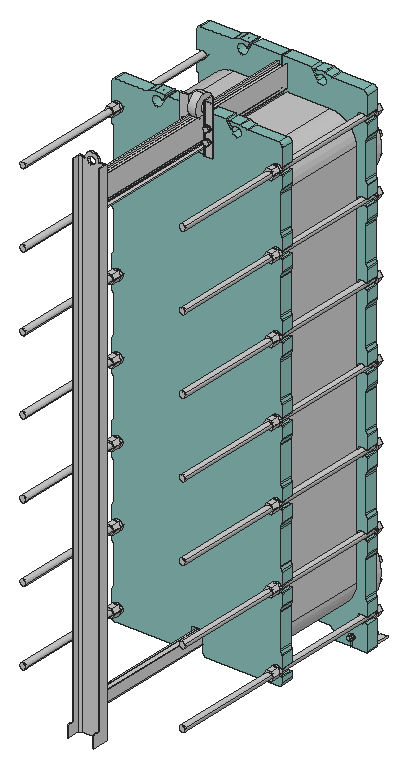
Revit family "Ekin_Endüstriyel - MIT5125", category Specialty Equipment, Revit 2022 (continued)
Forms (mm)
  Extrusion 12, solid, material "Galvanized Steel- S235JR", detail levels medium+fine
    sketch origin (0, 0, 0) x (1, 0, 0) y (0, 0, 1)
      loop
        circle (-404.5, 2426.5) r 25
      loop
        circle (-404.5, 2046.5) r 25
      loop
        circle (-404.5, 1666.5) r 25
      loop
        circle (-404.5, 1286.5) r 25
      loop
        circle (-404.5, 906.5) r 25
      loop
        circle (-404.5, 526.5) r 25
      loop
        circle (-404.5, 146.5) r 25
    from 0 to -7.5
  Extrusion 13, solid, material "Galvanized Steel- S235JR", detail levels fine
    sketch origin (4.063, -600, 0) x (1, 0, 0) y (0, 0, 1)
      loop
        line (413.716, 169.5) -> (387.158, 169.5) -> (373.879, 146.5) -> (387.158, 123.5) -> (413.716, 123.5) -> (426.995, 146.5) -> (413.716, 169.5)
      loop
        line (413.716, 549.5) -> (387.158, 549.5) -> (373.879, 526.5) -> (387.158, 503.5) -> (413.716, 503.5) -> (426.995, 526.5) -> (413.716, 549.5)
      loop
        line (413.716, 929.5) -> (387.158, 929.5) -> (373.879, 906.5) -> (387.158, 883.5) -> (413.716, 883.5) -> (426.995, 906.5) -> (413.716, 929.5)
      loop
        line (413.716, 1309.5) -> (387.158, 1309.5) -> (373.879, 1286.5) -> (387.158, 1263.5) -> (413.716, 1263.5) -> (426.995, 1286.5) -> (413.716, 1309.5)
      loop
        line (413.716, 1689.5) -> (387.158, 1689.5) -> (373.879, 1666.5) -> (387.158, 1643.5) -> (413.716, 1643.5) -> (426.995, 1666.5) -> (413.716, 1689.5)
      loop
        line (413.716, 2069.5) -> (387.158, 2069.5) -> (373.879, 2046.5) -> (387.158, 2023.5) -> (413.716, 2023.5) -> (426.995, 2046.5) -> (413.716, 2069.5)
      loop
        line (413.716, 2449.5) -> (387.158, 2449.5) -> (373.879, 2426.5) -> (387.158, 2403.5) -> (413.716, 2403.5) -> (426.995, 2426.5) -> (413.716, 2449.5)
      loop
        line (-421.842, 169.5) -> (-435.121, 146.5) -> (-421.842, 123.5) -> (-395.284, 123.5) -> (-382.005, 146.5) -> (-395.284, 169.5) -> (-421.842, 169.5)
      loop
        line (-421.842, 549.5) -> (-435.121, 526.5) -> (-421.842, 503.5) -> (-395.284, 503.5) -> (-382.005, 526.5) -> (-395.284, 549.5) -> (-421.842, 549.5)
      loop
        line (-421.842, 929.5) -> (-435.121, 906.5) -> (-421.842, 883.5) -> (-395.284, 883.5) -> (-382.005, 906.5) -> (-395.284, 929.5) -> (-421.842, 929.5)
      loop
        line (-421.842, 1309.5) -> (-435.121, 1286.5) -> (-421.842, 1263.5) -> (-395.284, 1263.5) -> (-382.005, 1286.5) -> (-395.284, 1309.5) -> (-421.842, 1309.5)
      loop
        line (-421.842, 1689.5) -> (-435.121, 1666.5) -> (-421.842, 1643.5) -> (-395.284, 1643.5) -> (-382.005, 1666.5) -> (-395.284, 1689.5) -> (-421.842, 1689.5)
      loop
        line (-421.842, 2069.5) -> (-435.121, 2046.5) -> (-421.842, 2023.5) -> (-395.284, 2023.5) -> (-382.005, 2046.5) -> (-395.284, 2069.5) -> (-421.842, 2069.5)
      loop
        line (-421.842, 2449.5) -> (-435.121, 2426.5) -> (-421.842, 2403.5) -> (-395.284, 2403.5) -> (-382.005, 2426.5) -> (-395.284, 2449.5) -> (-421.842, 2449.5)
    from 11 to 51.1
  Extrusion 14, solid, material "Galvanized Steel- S235JR", detail levels fine
    sketch origin (4.063, -600, 0) x (1, 0, 0) y (0, 0, 1)
      loop
        circle (400.437, 2426.5) r 25
      loop
        circle (400.437, 2046.5) r 25
      loop
        circle (400.437, 1666.5) r 25
      loop
        circle (400.437, 1286.5) r 25
      loop
        circle (400.437, 906.5) r 25
      loop
        circle (400.437, 526.5) r 25
      loop
        circle (400.437, 146.5) r 25
      loop
        circle (-408.563, 2426.5) r 25
      loop
        circle (-408.563, 2046.5) r 25
      loop
        circle (-408.563, 1666.5) r 25
      loop
        circle (-408.563, 1286.5) r 25
      loop
        circle (-408.563, 906.5) r 25
      loop
        circle (-408.563, 526.5) r 25
      loop
        circle (-408.563, 146.5) r 25
    from 11 to 0
  Extrusion 15, solid, material "Galvanized Steel- S235JR", detail levels medium+fine
    sketch origin (0, 0, 0) x (1, 0, 0) y (0, 0, 1)
      loop
        line (417.779, 169.5) -> (391.221, 169.5) -> (377.942, 146.5) -> (391.221, 123.5) -> (417.779, 123.5) -> (431.058, 146.5) -> (417.779, 169.5)
      loop
        line (417.779, 549.5) -> (391.221, 549.5) -> (377.942, 526.5) -> (391.221, 503.5) -> (417.779, 503.5) -> (431.058, 526.5) -> (417.779, 549.5)
      loop
        line (417.779, 929.5) -> (391.221, 929.5) -> (377.942, 906.5) -> (391.221, 883.5) -> (417.779, 883.5) -> (431.058, 906.5) -> (417.779, 929.5)
      loop
        line (417.779, 1309.5) -> (391.221, 1309.5) -> (377.942, 1286.5) -> (391.221, 1263.5) -> (417.779, 1263.5) -> (431.058, 1286.5) -> (417.779, 1309.5)
      loop
        line (417.779, 1689.5) -> (391.221, 1689.5) -> (377.942, 1666.5) -> (391.221, 1643.5) -> (417.779, 1643.5) -> (431.058, 1666.5) -> (417.779, 1689.5)
      loop
        line (417.779, 2069.5) -> (391.221, 2069.5) -> (377.942, 2046.5) -> (391.221, 2023.5) -> (417.779, 2023.5) -> (431.058, 2046.5) -> (417.779, 2069.5)
      loop
        line (417.779, 2449.5) -> (391.221, 2449.5) -> (377.942, 2426.5) -> (391.221, 2403.5) -> (417.779, 2403.5) -> (431.058, 2426.5) -> (417.779, 2449.5)
      loop
        line (-417.779, 169.5) -> (-431.058, 146.5) -> (-417.779, 123.5) -> (-391.221, 123.5) -> (-377.942, 146.5) -> (-391.221, 169.5) -> (-417.779, 169.5)
      loop
        line (-417.779, 549.5) -> (-431.058, 526.5) -> (-417.779, 503.5) -> (-391.221, 503.5) -> (-377.942, 526.5) -> (-391.221, 549.5) -> (-417.779, 549.5)
      loop
        line (-417.779, 929.5) -> (-431.058, 906.5) -> (-417.779, 883.5) -> (-391.221, 883.5) -> (-377.942, 906.5) -> (-391.221, 929.5) -> (-417.779, 929.5)
      loop
        line (-417.779, 1309.5) -> (-431.058, 1286.5) -> (-417.779, 1263.5) -> (-391.221, 1263.5) -> (-377.942, 1286.5) -> (-391.221, 1309.5) -> (-417.779, 1309.5)
      loop
        line (-417.779, 1689.5) -> (-431.058, 1666.5) -> (-417.779, 1643.5) -> (-391.221, 1643.5) -> (-377.942, 1666.5) -> (-391.221, 1689.5) -> (-417.779, 1689.5)
      loop
        line (-417.779, 2069.5) -> (-431.058, 2046.5) -> (-417.779, 2023.5) -> (-391.221, 2023.5) -> (-377.942, 2046.5) -> (-391.221, 2069.5) -> (-417.779, 2069.5)
      loop
        line (-417.779, 2449.5) -> (-431.058, 2426.5) -> (-417.779, 2403.5) -> (-391.221, 2403.5) -> (-377.942, 2426.5) -> (-391.221, 2449.5) -> (-417.779, 2449.5)
    from -7.5 to -38.2
  Extrusion 16, solid, material "Galvanized Steel- S235JR", detail levels medium+fine
    sketch origin (0, 0, 0) x (1, 0, 0) y (0, 0, 1)
      loop
        circle (219.5, 2256) r 202.5
      loop
        circle (219.5, 2256) r 138.25
      loop
        circle (-219.5, 2256) r 138.25
      loop
        circle (-219.5, 2256) r 202.5
      loop
        circle (-219.5, 317) r 202.5
      loop
        circle (219.5, 317) r 202.5
      loop
        circle (219.5, 317) r 138.25
      loop
        circle (-219.5, 317) r 138.25
    from -37 to 0
  Extrusion 17, void
    sketch origin (202.5, -37.5, 7.5) x (0, 1, 0) y (-1, 0, 0)
      loop
        line (122.5, -85.625) -> (122.5, 490.625) -> (37.5, 490.625) -> (37.5, -85.625) -> (122.5, -85.625)
      loop
        line (88.664, -133.5) -> (122.5, -133.5) -> (122.5, -116.5) -> (88.664, -116.5)
        arc (88.664, -116.5) -> (72, -125) -> (88.664, -133.5) r 10.5
      loop
        line (88.664, -183.5) -> (122.5, -183.5) -> (122.5, -166.5) -> (88.664, -166.5)
        arc (88.664, -166.5) -> (72, -175) -> (88.664, -183.5) r 10.5
      loop
        line (88.664, 521.5) -> (122.5, 521.5) -> (122.5, 538.5) -> (88.664, 538.5)
        arc (88.664, 538.5) -> (72, 530) -> (88.664, 521.5) r 10.5
      loop
        line (88.664, 571.5) -> (122.5, 571.5) -> (122.5, 588.5) -> (88.664, 588.5)
        arc (88.664, 588.5) -> (72, 580) -> (88.664, 571.5) r 10.5
    from -7.5 to 77.5
  Extrusion 18, solid, material "Galvanized Steel- S235JR"
    sketch origin (0, 0, 0) x (0, 1, 0) y (0, 0, 1)
      loop
        line (8, 11) -> (8, 85) -> (0, 85) -> (0, 3)
        arc (0, 3) -> (0.879, 0.879) -> (3, 0) r 3
        line (3, 0) -> (85, 0) -> (85, 8) -> (11, 8)
        arc (11, 8) -> (8.879, 8.879) -> (8, 11) r 3
    from -417.5 to 417.5
  Extrusion 19, solid, material "Galvanized Steel- S235JR"
    sketch origin (4.063, -600, 712.4) x (1, 0, 0) y (0, 0, 1)
      loop
        line (77.937, 1650.6) -> (77.937, 1900.6) -> (32.937, 1900.6) -> (32.937, 1650.6) -> (77.937, 1650.6)
      loop
        line (-86.063, 1650.6) -> (-41.063, 1650.6) -> (-41.063, 1900.6) -> (-86.063, 1900.6) -> (-86.063, 1650.6)
      loop
        circle (-61.775, 1778.105) r 8
      loop
        circle (-61.775, 1728.105) r 8
      loop
        circle (53.645, 1778.105) r 8
      loop
        circle (53.645, 1728.105) r 8
    from 6 to 2
  Extrusion 20, solid, material "Galvanized Steel- S235JR"
    sketch origin (4.063, -602, 712.4) x (-1, 0, 0) y (0, 0, 1)
      loop
        line (-32.937, 1650.6) -> (-32.937, 1900.6) -> (-36.937, 1900.6) -> (-36.937, 1650.6) -> (-32.937, 1650.6)
      loop
        line (41.063, 1650.6) -> (45.063, 1650.6) -> (45.063, 1900.6) -> (41.063, 1900.6) -> (41.063, 1650.6)
    from 0 to 42
  Extrusion 21, solid, material "Galvanized Steel- S235JR"
    sketch origin (-37, -598.562, 2380.492) x (0, 0, 1) y (0, -1, 0)
      loop
        circle (190, -19) r 55
      loop
        circle (190, -19) r 25
    from 17 to 57
  Extrusion 22, solid, material "Galvanized Steel- S235JR"
    sketch origin (-37, -598.563, 2380.501) x (0, 0, 1) y (0, -1, 0)
      loop
        circle (190, -19) r 24.5
    from 0 to 74
  Extrusion 23, solid, material "Galvanized Steel- S235JR"
    sketch origin (-37, -598.562, 2380.492) x (0, 0, 1) y (0, -1, 0)
      loop
        circle (190, -19) r 8
    from -24.052 to 98.5
  Extrusion 24, solid, material "Galvanized Steel- S235JR", detail levels fine
    sketch origin (-37, -598.562, 2380.492) x (0, 0, 1) y (0, -1, 0)
      loop
        line (202.813, -23.837) -> (199.73, -9.822) -> (186.917, -5.985) -> (177.187, -15.163) -> (180.27, -29.178) -> (193.083, -33.015) -> (202.813, -23.837)
    from -15 to 89
  Extrusion 25, solid, material "Galvanized Steel- S235JR", detail levels fine
    sketch origin (-37, -598.562, 2380.492) x (0, 0, 1) y (0, -1, 0)
      loop
        circle (190, -19) r 15
    from -7 to 81
  Extrusion 26, solid, material "Galvanized Steel- S235JR", detail levels medium+fine
    sketch origin (6.091, -600, 1109.777) x (1, 0, 0) y (0, 0, 1)
      loop
        circle (51.659, 1382.723) r 15
      loop
        circle (51.659, 1322.723) r 15
      loop
        circle (-63.841, 1382.723) r 15
      loop
        circle (-63.841, 1322.723) r 15
    from 7.3 to 6
  Extrusion 27, solid, material "Galvanized Steel- S235JR", detail levels medium+fine
    sketch origin (6.091, -600, 1109.777) x (1, 0, 0) y (0, 0, 1)
      loop
        line (60.441, 1334.178) -> (46.13, 1336.056) -> (37.348, 1324.602) -> (42.876, 1311.269) -> (57.188, 1309.391) -> (65.97, 1320.845) -> (60.441, 1334.178)
      loop
        line (60.441, 1394.178) -> (46.13, 1396.056) -> (37.348, 1384.602) -> (42.876, 1371.269) -> (57.188, 1369.391) -> (65.97, 1380.845) -> (60.441, 1394.178)
      loop
        line (-72.624, 1334.178) -> (-78.152, 1320.845) -> (-69.37, 1309.391) -> (-55.059, 1311.269) -> (-49.53, 1324.602) -> (-58.312, 1336.056) -> (-72.624, 1334.178)
      loop
        line (-72.624, 1394.178) -> (-78.152, 1380.845) -> (-69.37, 1369.391) -> (-55.059, 1371.269) -> (-49.53, 1384.602) -> (-58.312, 1396.056) -> (-72.624, 1394.178)
    from 17.3 to 7.3
  Extrusion 28, solid, material "AISI 316L/Titanium/Hastelloy", detail levels fine
    sketch origin (6.091, -540, 768.238) x (-1, 0, 0) y (0, 0, 1)
      loop
        circle (-51.659, 1724.262) r 15
      loop
        circle (-51.659, 1664.262) r 15
      loop
        circle (63.841, 1664.262) r 15
      loop
        circle (63.841, 1724.262) r 15
    from 0 to 2.7
  Extrusion 29, solid, material "AISI 316L/Titanium/Hastelloy", detail levels fine
    sketch origin (6.091, -540, 1109.777) x (-1, 0, 0) y (0, 0, 1)
      loop
        line (-57.212, 1394.891) -> (-64.973, 1383.998) -> (-59.419, 1371.83) -> (-46.105, 1370.556) -> (-38.345, 1381.449) -> (-43.898, 1393.617) -> (-57.212, 1394.891)
      loop
        line (-43.898, 1333.617) -> (-57.212, 1334.891) -> (-64.973, 1323.998) -> (-59.419, 1311.83) -> (-46.105, 1310.556) -> (-38.345, 1321.449) -> (-43.898, 1333.617)
      loop
        line (69.395, 1394.891) -> (56.081, 1393.617) -> (50.527, 1381.449) -> (58.288, 1370.556) -> (71.602, 1371.83) -> (77.155, 1383.998) -> (69.395, 1394.891)
      loop
        line (56.081, 1333.617) -> (50.527, 1321.449) -> (58.288, 1310.556) -> (71.602, 1311.83) -> (77.155, 1323.998) -> (69.395, 1334.891) -> (56.081, 1333.617)
    from 3 to 10.7
  Extrusion 30, solid, material "AISI 316L/Titanium/Hastelloy"
    sketch origin (6.091, -540, 1109.777) x (-1, 0, 0) y (0, 0, 1)
      loop
        circle (63.841, 1382.723) r 8
      loop
        circle (63.841, 1322.723) r 8
      loop
        circle (-51.659, 1322.723) r 8
      loop
        circle (-51.659, 1382.723) r 8
    from -66 to 24.122
  Extrusion 31, solid, material "AISI 316L/Titanium/Hastelloy", detail levels fine
    sketch origin (0, -60, 0) x (-1, 0, 0) y (0, 0, 1)
      loop
        circle (-219.5, 2256) r 115
      loop
        circle (219.5, 2256) r 115
      loop
        circle (219.5, 317) r 115
      loop
        circle (-219.5, 317) r 115
      loop
        line (-373, 2280) -> (-373, 293)
        arc (-373, 293) -> (-334.924, 201.076) -> (-243, 163) r 130
        line (-243, 163) -> (-27.5, 163) -> (-20.25, 168) -> (-20.25, 176) -> (-31.702, 186.764)
        arc (-31.702, 186.764) -> (-32.557, 195.253) -> (-24.268, 197.275) r 6.5
        line (-24.268, 197.275) -> (-6.424, 188.061)
        arc (-6.424, 188.061) -> (0, 186.5) -> (6.424, 188.061) r 14
        line (6.424, 188.061) -> (24.268, 197.275)
        arc (24.268, 197.275) -> (32.557, 195.253) -> (31.702, 186.764) r 6.5
        line (31.702, 186.764) -> (20.25, 176) -> (20.25, 168) -> (27.5, 163) -> (243, 163)
        arc (243, 163) -> (334.924, 201.076) -> (373, 293) r 130
        line (373, 293) -> (373, 2280)
        arc (373, 2280) -> (334.924, 2371.924) -> (243, 2410) r 130
        line (243, 2410) -> (27.5, 2410) -> (20.25, 2405) -> (20.25, 2397) -> (31.702, 2386.236)
        arc (31.702, 2386.236) -> (32.557, 2377.747) -> (24.268, 2375.725) r 6.5
        line (24.268, 2375.725) -> (6.424, 2384.939)
        arc (6.424, 2384.939) -> (0, 2386.5) -> (-6.424, 2384.939) r 14
        line (-6.424, 2384.939) -> (-24.268, 2375.725)
        arc (-24.268, 2375.725) -> (-32.557, 2377.747) -> (-31.702, 2386.236) r 6.5
        line (-31.702, 2386.236) -> (-20.25, 2397) -> (-20.25, 2405) -> (-27.5, 2410) -> (-243, 2410)
        arc (-243, 2410) -> (-334.924, 2371.924) -> (-373, 2280) r 130
    from 0 to -480
  Extrusion 32, void
    sketch origin (-52.5, -1268, 0) x (1, 0, 0) y (0, 0, 1)
      loop
        arc (17, 2620) -> (52.5, 2655.5) -> (88, 2620) r 35.5
        line (88, 2620) -> (120, 2620) -> (120, 2685) -> (-15, 2685) -> (-15, 2620) -> (17, 2620)
      loop
        circle (52.5, 2618.5) r 20
    from -8 to 72
  Extrusion 33, void
    sketch origin (-67.5, -1340, 0) x (0, 1, 0) y (0, 0, -1)
      loop
        arc (15, -60) -> (4.393, -55.607) -> (0, -45) r 15
        line (0, -45) -> (0, -2655.2) -> (35, -2655.2) -> (35, -60) -> (15, -60)
    from -143.878 to 16.14
  Extrusion 34, solid, material "Galvanized Steel- S235JR", detail levels fine
    sketch origin (0, 0, 0) x (1, 0, 0) y (0, 0, 1)
      loop
        circle (352.5, 45) r 15
      loop
        circle (-352.5, 45) r 15
    from -11 to -8
  Extrusion 35, solid, material "Galvanized Steel- S235JR", detail levels coarse
    sketch origin (0, 0, 0) x (0, 1, 0) y (1, 0, 0)
      loop
        line (-1340, -67.5) -> (-1260, -67.5) -> (-1260, 67.5) -> (-1340, 67.5) -> (-1340, -67.5)
    from 0 to -2655.2
  Extrusion 36, solid, material "Galvanized Steel", detail levels medium
    sketch origin (4.063, 0, 0) x (1, 0, 0) y (0, 0, 1)
      loop
        line (209.41, 2565) -> (-217.536, 2565)
        arc (-217.536, 2565) -> (-221.009, 2564.696) -> (-224.377, 2563.794) r 20
        line (-224.377, 2563.794) -> (-250.719, 2554.206)
        arc (-250.719, 2554.206) -> (-254.086, 2553.304) -> (-257.559, 2553) r 20
        line (-257.559, 2553) -> (-436.563, 2553) -> (-436.563, 5)
        arc (-436.563, 5) -> (-435.099, 1.464) -> (-431.563, 0) r 5
        line (-431.563, 0) -> (-281.563, 0)
        arc (-281.563, 0) -> (-278.027, 1.464) -> (-276.563, 5) r 5
        line (-276.563, 5) -> (-276.563, 25.858)
        arc (-276.563, 25.858) -> (-275.802, 29.685) -> (-273.634, 32.929) r 10
        line (-273.634, 32.929) -> (-249.492, 57.071)
        arc (-249.492, 57.071) -> (-246.248, 59.239) -> (-242.421, 60) r 10
        line (-242.421, 60) -> (234.295, 60)
        arc (234.295, 60) -> (238.122, 59.239) -> (241.366, 57.071) r 10
        line (241.366, 57.071) -> (265.508, 32.929)
        arc (265.508, 32.929) -> (267.676, 29.685) -> (268.437, 25.858) r 10
        line (268.437, 25.858) -> (268.437, 5)
        arc (268.437, 5) -> (269.901, 1.464) -> (273.437, 0) r 5
        line (273.437, 0) -> (423.437, 0)
        arc (423.437, 0) -> (426.973, 1.464) -> (428.437, 5) r 5
        line (428.437, 5) -> (428.437, 2553) -> (249.433, 2553)
        arc (249.433, 2553) -> (245.96, 2553.304) -> (242.593, 2554.206) r 20
        line (242.593, 2554.206) -> (216.251, 2563.794)
        arc (216.251, 2563.794) -> (212.883, 2564.696) -> (209.41, 2565) r 20
      loop
        circle (215.437, 2256) r 109
      loop
        circle (215.437, 317) r 109
      loop
        circle (-4.063, 104.5) r 10.5
      loop
        circle (-4.063, 164.5) r 10.5
      loop
        circle (-4.063, 2503.5) r 10.5
      loop
        circle (-4.063, 2443.5) r 10.5
      loop
        circle (195.937, 2525) r 25
      loop
        circle (400.437, 2426.5) r 21
      loop
        circle (400.437, 2046.5) r 21
      loop
        circle (400.437, 1666.5) r 21
      loop
        circle (400.437, 1286.5) r 21
      loop
        circle (400.437, 906.5) r 21
      loop
        circle (400.437, 526.5) r 21
      loop
        circle (400.437, 146.5) r 21
      loop
        circle (348.437, 45) r 10.5
      loop
        circle (-223.563, 2256) r 109
      loop
        circle (-223.563, 317) r 109
      loop
        circle (-204.063, 2525) r 25
      loop
        circle (-408.563, 2426.5) r 21
      loop
        circle (-408.563, 2046.5) r 21
      loop
        circle (-408.563, 1666.5) r 21
      loop
        circle (-408.563, 1286.5) r 21
      loop
        circle (-408.563, 906.5) r 21
      loop
        circle (-408.563, 526.5) r 21
      loop
        circle (-408.563, 146.5) r 21
      loop
        circle (-356.563, 45) r 10.5
    from 0 to 60
  Extrusion 37, solid, material "Galvanized Steel", detail levels medium
    sketch origin (4.063, -540, 0) x (-1, 0, 0) y (0, 0, 1)
      loop
        line (-54.187, 2513) -> (-54.187, 2562)
        arc (-54.187, 2562) -> (-55.066, 2564.121) -> (-57.187, 2565) r 3
        line (-57.187, 2565) -> (-212.41, 2565)
        arc (-212.41, 2565) -> (-215.883, 2564.696) -> (-219.251, 2563.794) r 20
        line (-219.251, 2563.794) -> (-245.593, 2554.206)
        arc (-245.593, 2554.206) -> (-248.96, 2553.304) -> (-252.433, 2553) r 20
        line (-252.433, 2553) -> (-428.437, 2553) -> (-428.437, 100)
        arc (-428.437, 100) -> (-422.579, 85.858) -> (-408.437, 80) r 20
        line (-408.437, 80) -> (-45.937, 80)
        arc (-45.937, 80) -> (-31.795, 85.858) -> (-25.937, 100) r 20
        line (-25.937, 100) -> (-25.937, 195)
        arc (-25.937, 195) -> (-25.058, 197.121) -> (-22.937, 198) r 3
        line (-22.937, 198) -> (31.063, 198)
        arc (31.063, 198) -> (33.184, 197.121) -> (34.063, 195) r 3
        line (34.063, 195) -> (34.063, 100)
        arc (34.063, 100) -> (39.921, 85.858) -> (54.063, 80) r 20
        line (54.063, 80) -> (416.563, 80)
        arc (416.563, 80) -> (430.705, 85.858) -> (436.563, 100) r 20
        line (436.563, 100) -> (436.563, 2553) -> (260.559, 2553)
        arc (260.559, 2553) -> (257.086, 2553.304) -> (253.719, 2554.206) r 20
        line (253.719, 2554.206) -> (227.377, 2563.794)
        arc (227.377, 2563.794) -> (224.009, 2564.696) -> (220.536, 2565) r 20
        line (220.536, 2565) -> (65.313, 2565)
        arc (65.313, 2565) -> (63.192, 2564.121) -> (62.313, 2562) r 3
        line (62.313, 2562) -> (62.313, 2513)
        arc (62.313, 2513) -> (61.434, 2510.879) -> (59.313, 2510) r 3
        line (59.313, 2510) -> (45.063, 2510) -> (45.063, 2365) -> (-36.937, 2365) -> (-36.937, 2510) -> (-51.187, 2510)
        arc (-51.187, 2510) -> (-53.308, 2510.879) -> (-54.187, 2513) r 3
      loop
        circle (-53.687, 2492.5) r 10.5
      loop
        circle (-53.687, 2432.5) r 10.5
      loop
        circle (-195.937, 2525) r 25
      loop
        circle (-400.437, 146.5) r 21
      loop
        circle (-400.437, 526.5) r 21
      loop
        circle (-400.437, 906.5) r 21
      loop
        circle (-400.437, 1286.5) r 21
      loop
        circle (-400.437, 1666.5) r 21
      loop
        circle (-400.437, 2046.5) r 21
      loop
        circle (-400.437, 2426.5) r 21
      loop
        circle (61.813, 2492.5) r 10.5
      loop
        circle (61.813, 2432.5) r 10.5
      loop
        circle (204.063, 2525) r 25
      loop
        circle (408.563, 146.5) r 21
      loop
        circle (408.563, 526.5) r 21
      loop
        circle (408.563, 906.5) r 21
      loop
        circle (408.563, 1286.5) r 21
      loop
        circle (408.563, 1666.5) r 21
      loop
        circle (408.563, 2046.5) r 21
      loop
        circle (408.563, 2426.5) r 21
    from 0 to -60 <- "Follower Plate"
  Extrusion 38, solid, material "AISI 316L/Titanium/Hastelloy", detail levels medium
    sketch origin (0, -60, 0) x (-1, 0, 0) y (0, 0, 1)
      loop
        circle (-219.5, 2256) r 115
      loop
        circle (219.5, 2256) r 115
      loop
        circle (219.5, 317) r 115
      loop
        circle (-219.5, 317) r 115
      loop
        line (-373, 2280) -> (-373, 293) -> (-243, 163) -> (-20.25, 163) -> (-20.25, 176) -> (-33.75, 188.689) -> (-33.75, 198) -> (33.75, 198) -> (33.75, 188.689) -> (20.25, 176) -> (20.25, 163) -> (243, 163) -> (373, 293) -> (373, 2280) -> (243, 2410) -> (20.25, 2410) -> (20.25, 2397) -> (33.75, 2384.311) -> (33.75, 2375) -> (-33.75, 2375) -> (-33.75, 2384.311) -> (-20.25, 2397) -> (-20.25, 2410) -> (-243, 2410) -> (-373, 2280)
    from 0 to -480
  Extrusion 39, solid, material "Galvanized Steel", detail levels coarse
    sketch origin (4.063, 0, 0) x (1, 0, 0) y (0, 0, 1)
      loop
        line (428.437, 2565) -> (-436.563, 2565) -> (-436.563, 0) -> (428.437, 0) -> (428.437, 2565)
      loop
        circle (-4.063, 104.5) r 10.5
      loop
        circle (-4.063, 164.5) r 10.5
      loop
        circle (-4.063, 2503.5) r 10.5
      loop
        circle (-4.063, 2443.5) r 10.5
      loop
        circle (195.937, 2525) r 25
      loop
        circle (400.437, 2426.5) r 21
      loop
        circle (400.437, 2046.5) r 21
      loop
        circle (400.437, 1666.5) r 21
      loop
        circle (400.437, 1286.5) r 21
      loop
        circle (400.437, 906.5) r 21
      loop
        circle (400.437, 526.5) r 21
      loop
        circle (400.437, 146.5) r 21
      loop
        circle (348.437, 45) r 10.5
      loop
        circle (-204.063, 2525) r 25
      loop
        circle (-408.563, 2426.5) r 21
      loop
        circle (-408.563, 2046.5) r 21
      loop
        circle (-408.563, 1666.5) r 21
      loop
        circle (-408.563, 1286.5) r 21
      loop
        circle (-408.563, 906.5) r 21
      loop
        circle (-408.563, 526.5) r 21
      loop
        circle (-408.563, 146.5) r 21
      loop
        circle (-356.563, 45) r 10.5
    from 0 to 60
  Extrusion 40, solid, material "Galvanized Steel", detail levels coarse
    sketch origin (4.063, -540, 0) x (-1, 0, 0) y (0, 0, 1)
      loop
        line (-54.187, 2510) -> (-54.187, 2565) -> (-428.437, 2565) -> (-428.437, 80) -> (-25.937, 80) -> (-25.937, 198) -> (34.063, 198) -> (34.063, 80) -> (436.563, 80) -> (436.563, 2565) -> (62.313, 2565) -> (62.313, 2510) -> (45.063, 2510) -> (45.063, 2365) -> (-36.937, 2365) -> (-36.937, 2510) -> (-54.187, 2510)
      loop
        circle (-53.687, 2492.5) r 10.5
      loop
        circle (-53.687, 2432.5) r 10.5
      loop
        circle (-195.937, 2525) r 25
      loop
        circle (-400.437, 146.5) r 21
      loop
        circle (-400.437, 526.5) r 21
      loop
        circle (-400.437, 906.5) r 21
      loop
        circle (-400.437, 1286.5) r 21
      loop
        circle (-400.437, 1666.5) r 21
      loop
        circle (-400.437, 2046.5) r 21
      loop
        circle (-400.437, 2426.5) r 21
      loop
        circle (61.813, 2492.5) r 10.5
      loop
        circle (61.813, 2432.5) r 10.5
      loop
        circle (204.063, 2525) r 25
      loop
        circle (408.563, 146.5) r 21
      loop
        circle (408.563, 526.5) r 21
      loop
        circle (408.563, 906.5) r 21
      loop
        circle (408.563, 1286.5) r 21
      loop
        circle (408.563, 1666.5) r 21
      loop
        circle (408.563, 2046.5) r 21
      loop
        circle (408.563, 2426.5) r 21
    from 0 to -60 <- "Follower Plate"
  Extrusion 41, solid, material "AISI 316L/Titanium/Hastelloy", detail levels coarse
    sketch origin (0, -60, 0) x (-1, 0, 0) y (0, 0, 1)
      loop
        line (-373, 2410) -> (-373, 163) -> (-33.75, 163) -> (-33.75, 198) -> (33.75, 198) -> (33.75, 163) -> (373, 163) -> (373, 2410) -> (33.75, 2410) -> (33.75, 2375) -> (-33.75, 2375) -> (-33.75, 2410) -> (-373, 2410)
    from 0 to -480
  Extrusion 42, solid, material "Galvanized Steel- S235JR", detail levels coarse
    sketch origin (0, 0, 0) x (1, 0, 0) y (0, 0, 1)
      loop
        circle (219.5, 2256) r 202.5
      loop
        circle (-219.5, 2256) r 202.5
      loop
        circle (-219.5, 317) r 202.5
      loop
        circle (219.5, 317) r 202.5
    from -37 to 0
Cuts and joins
  Extrusion 17 cuts Extrusion 18
  joined: Extrusion 19, Extrusion 20
  joined: Extrusion 21, Extrusion 22
  Extrusion 32, Extrusion 33 cuts Extrusion 11
Dimensions and locks
  "Lk": plane 7 "1" to plane 6 "2"
  "Head & Follower Plate": plane 1 "Center (Front/Back)" to plane 7 "1"
  "Lc": plane 7 "1" to plane 8 "3"
  "Lc": plane 10 to plane 1 "Center (Front/Back)"
  locked: Extrusion 11 sketch curve to Extrusion 11 sketch curve at 80
  locked: Extrusion 30 to plane 6 "2" at 24.122
  "Tightening Bolt": diameter of Extrusion 4 sketch curve  (x14)
  aligned and locked: level to plane 2
  aligned and locked: Extrusion 1 to plane 7 "1"
  aligned and locked: Extrusion 1 to plane 1 "Center (Front/Back)"
  aligned and locked: Extrusion 4 to plane 10
  aligned and locked: Extrusion 4 to plane 1 "Center (Front/Back)"
  aligned and locked: Extrusion 3 to plane 8 "3"
  aligned and locked: Extrusion 3 to Extrusion 1
  aligned and locked: Extrusion 11 sketch curve to Extrusion 11 sketch curve
  aligned and locked: Extrusion 30 to Extrusion 26
  aligned and locked: Extrusion 31 to Extrusion 2
  aligned and locked: Extrusion 35 sketch curve to cut or joined group of Extrusion 11, Extrusion 32, Extrusion 33  (x4)
  aligned and locked: Extrusion 38 to Extrusion 37
  aligned and locked: Extrusion 38 to Extrusion 2
  aligned and locked: Extrusion 41 to Extrusion 40
  aligned and locked: Extrusion 41 to Extrusion 2
Automatic sketch dimensions
  Extrusion 1 sketch curve to Extrusion 1 sketch curve = 0.00 mm  (x50)
  Extrusion 1 sketch curve to level = 0.00 mm  (x4)
  Extrusion 1 sketch curve to plane 3 "Center (Left/Right)" = 0.00 mm  (x4)
  Extrusion 1 sketch curve to plane 3 "Center (Left/Right)" = 3.00 mm  (x4)
  Extrusion 1 sketch curve to Extrusion 1 sketch curve = 3.00 mm  (x63)
  Extrusion 1 sketch curve to Extrusion 1 sketch curve = 142.038 mm  (x2)
  Extrusion 1 sketch curve to Extrusion 1 sketch curve = 16.454 mm  (x2)
  Extrusion 1 sketch curve to Extrusion 1 sketch curve = 2.598 mm  (x4)
  Extrusion 1 sketch curve to Extrusion 1 sketch curve = 11.172 mm  (x2)
  Extrusion 1 sketch curve to Extrusion 1 sketch curve = 2.684 mm  (x2)
  Extrusion 1 sketch curve to Extrusion 1 sketch curve = 21.651 mm  (x2)
  Extrusion 1 sketch curve to Extrusion 1 sketch curve = 35.21 mm  (x2)
  Extrusion 1 sketch curve to plane 3 "Center (Left/Right)" = 219.50 mm  (x2)
  Extrusion 1 sketch curve to Extrusion 1 sketch curve = 6.84 mm  (x4)
  level to Extrusion 1 sketch curve = 50.00 mm  (x2)
  Extrusion 1 sketch curve to Extrusion 1 sketch curve = 232.358 mm  (x2)
  level to Extrusion 1 sketch curve = 57.071 mm  (x2)
  Extrusion 1 sketch curve to Extrusion 1 sketch curve = 7.071 mm  (x4)
  Extrusion 1 sketch curve to Extrusion 1 sketch curve = 26.342 mm  (x2)
  Extrusion 1 sketch curve to Extrusion 1 sketch curve = 24.142 mm  (x2)
  level to Extrusion 1 sketch curve = 32.929 mm  (x2)
  level to Extrusion 1 sketch curve = 5.00 mm  (x2)
  Extrusion 1 sketch curve to Extrusion 1 sketch curve = 10.00 mm
  level to Extrusion 1 sketch curve = 3.00 mm  (x3)
  Extrusion 1 sketch curve to Extrusion 1 sketch curve = 69.00 mm  (x3)
  Extrusion 1 sketch curve to Extrusion 1 sketch curve = 6.00 mm  (x2)
  Extrusion 1 sketch curve to Extrusion 1 sketch curve = 185.00 mm  (x4)
  Extrusion 1 sketch curve to Extrusion 1 sketch curve = 52.00 mm  (x2)
  Extrusion 1 sketch curve to Extrusion 1 sketch curve = 151.004 mm  (x2)
  Extrusion 1 sketch curve to Extrusion 1 sketch curve = 8.00 mm  (x26)
  Extrusion 1 sketch curve to Extrusion 1 sketch curve = 13.991 mm  (x28)
  Extrusion 1 sketch curve to Extrusion 1 sketch curve = 12.00 mm  (x12)
  Extrusion 1 sketch curve to Extrusion 1 sketch curve = 1.206 mm  (x38)
  level to Extrusion 1 sketch curve = 245.686 mm  (x2)
  Extrusion 1 sketch curve to Extrusion 1 sketch curve = 11.009 mm  (x26)
  Extrusion 1 sketch curve to Extrusion 1 sketch curve = 5.588 mm  (x24)
  level to Extrusion 1 sketch curve = 230.334 mm  (x2)
  Extrusion 1 sketch curve to Extrusion 1 sketch curve = 14.009 mm  (x2)
  Extrusion 1 sketch curve to Extrusion 1 sketch curve = 18.794 mm  (x14)
  Extrusion 1 sketch curve to Extrusion 1 sketch curve = 20.00 mm  (x13)
  plane 3 "Center (Left/Right)" to Extrusion 1 sketch curve = 3.00 mm  (x4)
  plane 3 "Center (Left/Right)" to Extrusion 1 sketch curve = 219.50 mm  (x2)
  Extrusion 1 sketch curve to Extrusion 1 sketch curve = 2.929 mm
  Extrusion 1 sketch curve to Extrusion 1 sketch curve = 74.00 mm
  Extrusion 1 sketch curve to Extrusion 1 sketch curve = 29.907 mm  (x2)
  Extrusion 1 sketch curve to Extrusion 1 sketch curve = 12.093 mm  (x8)
  Extrusion 1 sketch curve to Extrusion 1 sketch curve = 29.407 mm
  Extrusion 1 sketch curve to Extrusion 1 sketch curve = 96.494 mm  (x2)
  Extrusion 1 sketch curve to Extrusion 1 sketch curve = 16.50 mm  (x28)
  Extrusion 1 sketch curve to Extrusion 1 sketch curve = 35.813 mm  (x2)
  Extrusion 1 sketch curve to Extrusion 1 sketch curve = 93.506 mm  (x2)
  Extrusion 1 sketch curve to Extrusion 1 sketch curve = 103.473 mm  (x4)
  Extrusion 1 sketch curve to Extrusion 1 sketch curve = 15.352 mm  (x22)
  Extrusion 1 sketch curve to Extrusion 1 sketch curve = 57.494 mm  (x22)
  Extrusion 1 sketch curve to Extrusion 1 sketch curve = 167.947 mm  (x8)
  Extrusion 1 sketch curve to Extrusion 1 sketch curve = 64.473 mm  (x2)
  Extrusion 1 sketch curve to Extrusion 1 sketch curve = 187.50 mm
  Extrusion 1 sketch curve to Extrusion 1 sketch curve = 21.093 mm  (x2)
  Extrusion 1 sketch curve to Extrusion 1 sketch curve = 12.50 mm  (x2)
  Extrusion 1 sketch curve to Extrusion 1 sketch curve = 87.00 mm  (x2)
  Extrusion 1 sketch curve to Extrusion 1 sketch curve = 28.65 mm  (x2)
  Extrusion 1 sketch curve to Extrusion 1 sketch curve = 1.50 mm  (x4)
  Extrusion 1 sketch curve to Extrusion 1 sketch curve = 19.35 mm  (x2)
  Extrusion 1 sketch curve to Extrusion 1 sketch curve = 46.407 mm
  Extrusion 1 sketch curve to Extrusion 1 sketch curve = 109.00 mm  (x4)
  plane 3 "Center (Left/Right)" to Extrusion 2 sketch curve = 444.50 mm  (x2)
  Extrusion 2 sketch curve to Extrusion 2 sketch curve = 0.00 mm  (x46)
  Extrusion 2 sketch curve to Extrusion 2 sketch curve = 12.00 mm  (x18)
  Extrusion 2 sketch curve to Extrusion 2 sketch curve = 1.206 mm  (x36)
  level to Extrusion 2 sketch curve = 230.334 mm
  Extrusion 2 sketch curve to Extrusion 2 sketch curve = 3.00 mm  (x70)
  Extrusion 2 sketch curve to Extrusion 2 sketch curve = 5.588 mm  (x24)
  level to Extrusion 2 sketch curve = 245.686 mm  (x2)
  Extrusion 2 sketch curve to Extrusion 2 sketch curve = 11.009 mm  (x28)
  Extrusion 2 sketch curve to Extrusion 2 sketch curve = 18.794 mm  (x10)
  Extrusion 2 sketch curve to Extrusion 2 sketch curve = 20.00 mm  (x21)
  Extrusion 2 sketch curve to Extrusion 2 sketch curve = 13.991 mm  (x21)
  Extrusion 2 sketch curve to Extrusion 2 sketch curve = 156.004 mm
  Extrusion 2 sketch curve to Extrusion 2 sketch curve = 6.84 mm  (x4)
  Extrusion 2 sketch curve to Extrusion 2 sketch curve = 26.342 mm  (x2)
  Extrusion 2 sketch curve to Extrusion 2 sketch curve = 16.473 mm  (x2)
  Extrusion 2 sketch curve to Extrusion 2 sketch curve = 21.651 mm  (x2)
  Extrusion 2 sketch curve to Extrusion 2 sketch curve = 23.041 mm
  Extrusion 2 sketch curve to Extrusion 2 sketch curve = 2.598 mm  (x6)
  Extrusion 2 sketch curve to Extrusion 2 sketch curve = 12.177 mm  (x2)
  Extrusion 2 sketch curve to Extrusion 2 sketch curve = 13.279 mm  (x2)
  plane 3 "Center (Left/Right)" to Extrusion 2 sketch curve = 61.25 mm
  Extrusion 2 sketch curve to Extrusion 2 sketch curve = 0.50 mm  (x3)
  plane 3 "Center (Left/Right)" to Extrusion 2 sketch curve = 57.75 mm
  plane 3 "Center (Left/Right)" to Extrusion 2 sketch curve = 50.00 mm
  Extrusion 2 sketch curve to Extrusion 2 sketch curve = 12.093 mm  (x4)
  Extrusion 2 sketch curve to Extrusion 2 sketch curve = 1.657 mm  (x8)
  Extrusion 2 sketch curve to Extrusion 2 sketch curve = 11.25 mm  (x2)
  plane 3 "Center (Left/Right)" to Extrusion 2 sketch curve = 30.00 mm
  Extrusion 2 sketch curve to plane 3 "Center (Left/Right)" = 27.00 mm
  Extrusion 2 sketch curve to plane 3 "Center (Left/Right)" = 38.00 mm
  Extrusion 2 sketch curve to plane 3 "Center (Left/Right)" = 41.00 mm  (x2)
  Extrusion 2 sketch curve to Extrusion 2 sketch curve = 85.056 mm
  Extrusion 2 sketch curve to Extrusion 2 sketch curve = 3.989 mm
  level to Extrusion 2 sketch curve = 146.50 mm
  Extrusion 2 sketch curve to Extrusion 2 sketch curve = 354.50 mm
  Extrusion 2 sketch curve to plane 3 "Center (Left/Right)" = 404.50 mm
  Extrusion 2 sketch curve to Extrusion 2 sketch curve = 148.004 mm
  Extrusion 2 sketch curve to Extrusion 2 sketch curve = 8.00 mm  (x14)
  Extrusion 2 sketch curve to Extrusion 2 sketch curve = 16.50 mm  (x28)
  Extrusion 2 sketch curve to Extrusion 2 sketch curve = 93.494 mm
  Extrusion 2 sketch curve to Extrusion 2 sketch curve = 27.00 mm  (x2)
  Extrusion 2 sketch curve to Extrusion 2 sketch curve = 95.00 mm
  Extrusion 2 sketch curve to Extrusion 2 sketch curve = 22.192 mm
  Extrusion 2 sketch curve to Extrusion 2 sketch curve = 167.947 mm  (x12)
  Extrusion 2 sketch curve to Extrusion 2 sketch curve = 15.352 mm  (x22)
  Extrusion 2 sketch curve to Extrusion 2 sketch curve = 57.494 mm  (x22)
  Extrusion 2 sketch curve to Extrusion 2 sketch curve = 15.494 mm
  Extrusion 2 sketch curve to Extrusion 2 sketch curve = 58.50 mm  (x2)
  Extrusion 2 sketch curve to Extrusion 2 sketch curve = 6.00 mm  (x4)
  Extrusion 2 sketch curve to Extrusion 2 sketch curve = 48.00 mm  (x2)
  Extrusion 2 sketch curve to Extrusion 2 sketch curve = 8.50 mm  (x2)
  Extrusion 2 sketch curve to Extrusion 2 sketch curve = 12.50 mm  (x2)
  Extrusion 2 sketch curve to Extrusion 2 sketch curve = 87.00 mm  (x2)
  Extrusion 2 sketch curve to Extrusion 2 sketch curve = 26.909 mm  (x2)
  Extrusion 2 sketch curve to Extrusion 2 sketch curve = 1.50 mm  (x4)
  Extrusion 2 sketch curve to Extrusion 2 sketch curve = 21.091 mm  (x2)
  Extrusion 2 sketch curve to Extrusion 2 sketch curve = 49.00 mm  (x2)
  Extrusion 3 sketch curve to plane 3 "Center (Left/Right)" = 26.125 mm
  Extrusion 3 sketch curve to plane 3 "Center (Left/Right)" = 23.125 mm
  Extrusion 3 sketch curve to Extrusion 3 sketch curve = 2.00 mm  (x11)
  Extrusion 3 sketch curve to Extrusion 3 sketch curve = 3.00 mm  (x9)
  Extrusion 3 sketch curve to plane 3 "Center (Left/Right)" = 20.00 mm
  Extrusion 3 sketch curve to Extrusion 3 sketch curve = 6.00 mm  (x2)
  Extrusion 3 sketch curve to plane 3 "Center (Left/Right)" = 6.125 mm  (x2)
  Extrusion 3 sketch curve to plane 3 "Center (Left/Right)" = 3.125 mm
  plane 3 "Center (Left/Right)" to Extrusion 3 sketch curve = 2.875 mm  (x2)
  plane 3 "Center (Left/Right)" to Extrusion 3 sketch curve = 12.875 mm
  Extrusion 3 sketch curve to Extrusion 3 sketch curve = 7.00 mm  (x2)
  plane 3 "Center (Left/Right)" to Extrusion 3 sketch curve = 13.00 mm  (x2)
  Extrusion 3 sketch curve to Extrusion 3 sketch curve = 5.00 mm  (x4)
  Extrusion 3 sketch curve to Extrusion 3 sketch curve = 8.00 mm
  Extrusion 3 sketch curve to Extrusion 3 sketch curve = 20.00 mm
  level to Extrusion 3 sketch curve = 124.50 mm
  Extrusion 3 sketch curve to Extrusion 3 sketch curve = 46.00 mm
  Extrusion 3 sketch curve to Extrusion 3 sketch curve = 2203.00 mm
  Extrusion 3 sketch curve to Extrusion 3 sketch curve = 0.00 mm  (x3)
  Extrusion 3 sketch curve to Extrusion 3 sketch curve = 24.00 mm
  Extrusion 3 sketch curve to Extrusion 3 sketch curve = 86.00 mm
  Extrusion 3 sketch curve to Extrusion 3 sketch curve = 12.00 mm  (x2)
  Extrusion 4 sketch curve to Extrusion 4 sketch curve = 0.00 mm  (x38)
  Extrusion 4 sketch curve to plane 3 "Center (Left/Right)" = 404.50 mm
  level to Extrusion 4 sketch curve = 146.50 mm  (x2)
  plane 3 "Center (Left/Right)" to Extrusion 4 sketch curve = 404.50 mm  (x3)
  Extrusion 4 sketch curve to Extrusion 4 sketch curve = 380.00 mm  (x12)
  Extrusion 4 sketch curve to Extrusion 4 sketch curve = 13.795 mm  (x28)
  level to Extrusion 5 sketch curve = 46.878 mm  (x2)
  Extrusion 5 sketch curve to plane 3 "Center (Left/Right)" = 366.811 mm
  level to Extrusion 5 sketch curve = 33.545 mm  (x2)
  Extrusion 5 sketch curve to Extrusion 5 sketch curve = 5.529 mm  (x2)
  level to Extrusion 5 sketch curve = 58.333 mm  (x2)
  Extrusion 5 sketch curve to Extrusion 5 sketch curve = 8.782 mm  (x4)
  level to Extrusion 5 sketch curve = 31.667 mm  (x2)
  Extrusion 5 sketch curve to Extrusion 5 sketch curve = 14.311 mm  (x4)
  level to Extrusion 5 sketch curve = 56.455 mm  (x2)
  level to Extrusion 5 sketch curve = 43.122 mm  (x2)
  plane 3 "Center (Left/Right)" to Extrusion 5 sketch curve = 338.189 mm
  Extrusion 6 sketch curve to Extrusion 6 sketch curve = 0.00 mm  (x2)
  Extrusion 1 to Extrusion 6 sketch curve = 1.144 mm  (x2)
  Extrusion 6 sketch curve to Extrusion 1 = 2.746 mm  (x2)
  Extrusion 7 sketch curve to Extrusion 7 sketch curve = 0.00 mm  (x4)
  level to Extrusion 7 sketch curve = 45.00 mm  (x2)
  Extrusion 7 sketch curve to plane 3 "Center (Left/Right)" = 352.50 mm
  plane 3 "Center (Left/Right)" to Extrusion 7 sketch curve = 352.50 mm
  Extrusion 7 sketch curve to Extrusion 7 sketch curve = 3.064 mm  (x4)
  Extrusion 7 sketch curve to Extrusion 7 sketch curve = 7.39 mm  (x2)
  Extrusion 8 sketch curve to Extrusion 1 = 11.311 mm  (x4)
  Extrusion 8 sketch curve to Extrusion 1 = 5.782 mm  (x4)
  Extrusion 8 sketch curve to Extrusion 1 = 2.529 mm  (x4)
  Extrusion 1 to Extrusion 8 sketch curve = 28.333 mm  (x2)
  Extrusion 8 sketch curve to Extrusion 8 sketch curve = 1.878 mm  (x2)
  Extrusion 8 sketch curve to Extrusion 8 sketch curve = 11.455 mm  (x2)
  Extrusion 1 to Extrusion 8 sketch curve = 13.122 mm  (x2)
  Extrusion 1 to Extrusion 8 sketch curve = 3.545 mm  (x2)
  Extrusion 1 to Extrusion 8 sketch curve = 1.667 mm  (x2)
  Extrusion 9 sketch curve to plane 3 "Center (Left/Right)" = 410.722 mm  (x2)
  Extrusion 9 sketch curve to Extrusion 9 sketch curve = 1.169 mm  (x2)
  Extrusion 9 sketch curve to Extrusion 9 sketch curve = 2.959 mm  (x71)
  Extrusion 9 sketch curve to Extrusion 9 sketch curve = 7.323 mm  (x69)
  Extrusion 9 sketch curve to Extrusion 9 sketch curve = 12.447 mm  (x75)
  Extrusion 9 sketch curve to Extrusion 9 sketch curve = 15.642 mm  (x71)
  Extrusion 9 sketch curve to Extrusion 9 sketch curve = 18.601 mm  (x96)
  Extrusion 9 sketch curve to Extrusion 9 sketch curve = 19.77 mm  (x96)
  Extrusion 9 sketch curve to Extrusion 9 sketch curve = 23.212 mm  (x10)
  Extrusion 9 sketch curve to Extrusion 9 sketch curve = 20.017 mm  (x4)
  level to Extrusion 9 sketch curve = 171.719 mm  (x2)
  Extrusion 9 sketch curve to Extrusion 9 sketch curve = 44.159 mm  (x4)
  Extrusion 9 sketch curve to Extrusion 9 sketch curve = 48.523 mm  (x12)
  level to Extrusion 9 sketch curve = 129.906 mm  (x2)
  level to Extrusion 9 sketch curve = 126.948 mm  (x2)
  Extrusion 9 sketch curve to Extrusion 9 sketch curve = 52.341 mm  (x4)
  Extrusion 9 sketch curve to Extrusion 9 sketch curve = 54.68 mm  (x4)
  Extrusion 9 sketch curve to Extrusion 9 sketch curve = 41.201 mm  (x4)
  Extrusion 9 sketch curve to Extrusion 9 sketch curve = 53.648 mm  (x12)
  Extrusion 9 sketch curve to Extrusion 9 sketch curve = 29.129 mm  (x12)
  Extrusion 9 sketch curve to Extrusion 9 sketch curve = 14.893 mm  (x4)
  plane 3 "Center (Left/Right)" to Extrusion 9 sketch curve = 28.278 mm  (x2)
  plane 3 "Center (Left/Right)" to Extrusion 9 sketch curve = 29.448 mm  (x2)
  Extrusion 9 sketch curve to Extrusion 9 sketch curve = 0.00 mm  (x5)
  Extrusion 9 sketch curve to Extrusion 9 sketch curve = 53.51 mm  (x8)
  Extrusion 9 sketch curve to Extrusion 9 sketch curve = 1557.726 mm
  Extrusion 10 sketch curve to plane 3 "Center (Left/Right)" = 12.65 mm  (x4)
  Extrusion 10 sketch curve to plane 3 "Center (Left/Right)" = 12.013 mm  (x4)
  Extrusion 10 sketch curve to plane 3 "Center (Left/Right)" = 0.481 mm  (x4)
  plane 3 "Center (Left/Right)" to Extrusion 10 sketch curve = 0.793 mm  (x4)
  plane 3 "Center (Left/Right)" to Extrusion 10 sketch curve = 12.326 mm  (x4)
  plane 3 "Center (Left/Right)" to Extrusion 10 sketch curve = 12.963 mm  (x4)
  level to Extrusion 10 sketch curve = 90.081 mm
  Extrusion 10 sketch curve to Extrusion 10 sketch curve = 6.658 mm  (x5)
  Extrusion 10 sketch curve to Extrusion 10 sketch curve = 7.762 mm  (x7)
  Extrusion 10 sketch curve to Extrusion 10 sketch curve = 14.42 mm  (x8)
  Extrusion 10 sketch curve to Extrusion 10 sketch curve = 31.161 mm  (x2)
  Extrusion 10 sketch curve to Extrusion 10 sketch curve = 2250.161 mm
  Extrusion 11 sketch curve to plane 8 "3" = 0.00 mm
  Extrusion 11 sketch curve to plane 3 "Center (Left/Right)" = 67.50 mm
  Extrusion 11 sketch curve to Extrusion 11 sketch curve = 5.00 mm
  Extrusion 11 sketch curve to plane 8 "3" = 8.00 mm
  Extrusion 11 sketch curve to Extrusion 11 sketch curve = 10.00 mm
  plane 3 "Center (Left/Right)" to Extrusion 11 sketch curve = 52.50 mm
  plane 3 "Center (Left/Right)" to Extrusion 11 sketch curve = 62.50 mm
  Extrusion 11 sketch curve to Extrusion 11 sketch curve = 15.00 mm
  Extrusion 12 sketch curve to Extrusion 12 sketch curve = 0.00 mm  (x38)
  Extrusion 12 sketch curve to plane 3 "Center (Left/Right)" = 404.50 mm
  level to Extrusion 12 sketch curve = 146.50 mm  (x2)
  plane 3 "Center (Left/Right)" to Extrusion 12 sketch curve = 404.50 mm  (x3)
  Extrusion 12 sketch curve to Extrusion 12 sketch curve = 380.00 mm  (x12)
  Extrusion 12 sketch curve to Extrusion 12 sketch curve = 4.04 mm  (x28)
  Extrusion 12 sketch curve to Extrusion 12 sketch curve = 24.671 mm  (x14)
  Extrusion 13 sketch curve to Extrusion 2 = 1.442 mm  (x14)
  Extrusion 13 sketch curve to Extrusion 2 = 6.721 mm  (x28)
  Extrusion 13 sketch curve to Extrusion 2 = 6.50 mm  (x28)
  Extrusion 13 sketch curve to Extrusion 13 sketch curve = 26.558 mm  (x14)
  Extrusion 2 to Extrusion 13 sketch curve = 16.50 mm  (x24)
  Extrusion 13 sketch curve to Extrusion 13 sketch curve = 13.279 mm  (x21)
  Extrusion 13 sketch curve to Extrusion 2 = 3.00 mm  (x4)
  Extrusion 13 sketch curve to Extrusion 2 = 46.558 mm  (x7)
  Extrusion 14 sketch curve to Extrusion 14 sketch curve = 0.00 mm  (x14)
  Extrusion 14 sketch curve to Extrusion 2 = 8.171 mm  (x28)
  Extrusion 15 sketch curve to plane 3 "Center (Left/Right)" = 431.058 mm  (x3)
  level to Extrusion 15 sketch curve = 146.50 mm  (x4)
  Extrusion 15 sketch curve to Extrusion 15 sketch curve = 0.00 mm  (x4)
  Extrusion 15 sketch curve to Extrusion 15 sketch curve = 13.279 mm  (x42)
  level to Extrusion 15 sketch curve = 123.50 mm
  level to Extrusion 15 sketch curve = 169.50 mm  (x2)
  Extrusion 15 sketch curve to Extrusion 15 sketch curve = 26.558 mm  (x28)
  plane 3 "Center (Left/Right)" to Extrusion 15 sketch curve = 377.942 mm  (x7)
  Extrusion 15 sketch curve to Extrusion 15 sketch curve = 23.00 mm  (x37)
  Extrusion 15 sketch curve to Extrusion 15 sketch curve = 334.00 mm  (x12)
  Extrusion 16 sketch curve to Extrusion 16 sketch curve = 0.00 mm  (x49)
  Extrusion 16 sketch curve to plane 3 "Center (Left/Right)" = 219.50 mm  (x2)
  plane 3 "Center (Left/Right)" to Extrusion 16 sketch curve = 219.50 mm  (x2)
  level to Extrusion 16 sketch curve = 317.00 mm  (x2)
  Extrusion 16 sketch curve to Extrusion 16 sketch curve = 1939.00 mm
  Extrusion 16 sketch curve to Extrusion 16 sketch curve = 69.125 mm  (x6)
  Extrusion 16 sketch curve to Extrusion 16 sketch curve = 32.125 mm  (x8)
  plane 3 "Center (Left/Right)" to Extrusion 16 sketch curve = 118.25 mm  (x2)
  Extrusion 16 sketch curve to Extrusion 16 sketch curve = 119.728 mm  (x2)
  Extrusion 16 sketch curve to Extrusion 16 sketch curve = 55.642 mm  (x4)
  Extrusion 16 sketch curve to Extrusion 16 sketch curve = 175.37 mm  (x2)
  plane 1 "Center (Front/Back)" to Extrusion 17 sketch curve = 0.00 mm
  plane 9 "Bolt End" to Extrusion 17 sketch curve = 26.30 mm  (x4)
  Extrusion 17 sketch curve to Extrusion 17 sketch curve = 6.164 mm  (x8)
  Extrusion 17 sketch curve to Extrusion 17 sketch curve = 33.836 mm
  Extrusion 17 sketch curve to Extrusion 17 sketch curve = 0.00 mm  (x4)
  plane 3 "Center (Left/Right)" to Extrusion 17 sketch curve = 386.00 mm
  Extrusion 17 sketch curve to Extrusion 17 sketch curve = 8.50 mm  (x4)
  Extrusion 17 sketch curve to Extrusion 17 sketch curve = 33.00 mm  (x2)
  Extrusion 17 sketch curve to Extrusion 17 sketch curve = 30.875 mm  (x2)
  Extrusion 17 sketch curve to plane 3 "Center (Left/Right)" = 288.125 mm
  Extrusion 18 sketch curve to plane 1 "Center (Front/Back)" = 0.00 mm
  Extrusion 18 sketch curve to level = 0.00 mm
  level to Extrusion 18 sketch curve = 3.00 mm
  Extrusion 18 sketch curve to plane 1 "Center (Front/Back)" = 8.00 mm
  Extrusion 18 sketch curve to Extrusion 18 sketch curve = 3.00 mm
  plane 9 "Bolt End" to Extrusion 18 sketch curve = 66.30 mm
  Extrusion 18 sketch curve to Extrusion 18 sketch curve = 8.00 mm
  Extrusion 18 sketch curve to Extrusion 18 sketch curve = 74.00 mm
  Extrusion 19 sketch curve to Extrusion 19 sketch curve = 0.00 mm  (x8)
  Extrusion 19 sketch curve to Extrusion 2 = 2.00 mm  (x2)
  Extrusion 19 sketch curve to Extrusion 2 = 23.75 mm  (x2)
  Extrusion 2 to Extrusion 19 sketch curve = 0.538 mm  (x2)
  Extrusion 2 to Extrusion 19 sketch curve = 4.00 mm  (x2)
  Extrusion 2 to Extrusion 19 sketch curve = 0.542 mm  (x2)
  Extrusion 2 to Extrusion 19 sketch curve = 2.495 mm  (x2)
  Extrusion 2 to Extrusion 19 sketch curve = 1.005 mm  (x2)
  Extrusion 2 to Extrusion 19 sketch curve = 48.00 mm  (x2)
  Extrusion 2 to Extrusion 19 sketch curve = 1.396 mm  (x2)
  Extrusion 19 sketch curve to Extrusion 2 = 7.386 mm  (x2)
  Extrusion 2 to Extrusion 19 sketch curve = 2.104 mm  (x2)
  Extrusion 2 to Extrusion 19 sketch curve = 3.594 mm  (x2)
  Extrusion 19 sketch curve to Extrusion 2 = 0.094 mm  (x2)
  Extrusion 19 sketch curve to Extrusion 19 sketch curve = 7.924 mm  (x2)
  Extrusion 20 sketch curve to Extrusion 19 = 0.00 mm  (x5)
  Extrusion 19 to Extrusion 20 sketch curve = 0.00 mm
  Extrusion 20 sketch curve to Extrusion 19 = 4.00 mm
  Extrusion 20 sketch curve to Extrusion 20 sketch curve = 4.00 mm
  Extrusion 21 sketch curve to Extrusion 21 sketch curve = 0.00 mm  (x2)
  Extrusion 20 to Extrusion 21 sketch curve = 19.562 mm
  Extrusion 21 sketch curve to Extrusion 20 = 42.507 mm
  Extrusion 20 to Extrusion 22 sketch curve = 19.563 mm
  Extrusion 22 sketch curve to Extrusion 20 = 42.499 mm
  Extrusion 23 sketch curve to Extrusion 23 sketch curve = 0.00 mm  (x2)
  Extrusion 20 to Extrusion 23 sketch curve = 19.562 mm
  Extrusion 23 sketch curve to Extrusion 20 = 42.507 mm
  Extrusion 23 sketch curve to Extrusion 23 sketch curve = 2.062 mm  (x2)
  Extrusion 23 sketch curve to Extrusion 23 sketch curve = 7.73 mm
  Extrusion 20 to Extrusion 24 sketch curve = 18.60 mm
  Extrusion 24 sketch curve to Extrusion 20 = 55.32 mm
  Extrusion 20 to Extrusion 24 sketch curve = 9.385 mm
  Extrusion 24 sketch curve to Extrusion 24 sketch curve = 3.083 mm
  Extrusion 20 to Extrusion 24 sketch curve = 9.423 mm
  Extrusion 24 sketch curve to Extrusion 24 sketch curve = 9.73 mm  (x2)
  Extrusion 20 to Extrusion 24 sketch curve = 5.548 mm
  Extrusion 24 sketch curve to Extrusion 24 sketch curve = 12.813 mm  (x2)
  Extrusion 20 to Extrusion 24 sketch curve = 13.26 mm
  Extrusion 20 to Extrusion 24 sketch curve = 14.725 mm
  Extrusion 25 sketch curve to Extrusion 25 sketch curve = 0.00 mm  (x2)
  Extrusion 20 to Extrusion 25 sketch curve = 19.562 mm
  Extrusion 25 sketch curve to Extrusion 20 = 42.507 mm
  Extrusion 25 sketch curve to Extrusion 25 sketch curve = 14.098 mm  (x2)
  Extrusion 20 to Extrusion 25 sketch curve = 14.44 mm
  Extrusion 26 sketch curve to Extrusion 26 sketch curve = 0.00 mm  (x4)
  Extrusion 26 sketch curve to Extrusion 2 = 3.356 mm  (x2)
  Extrusion 26 sketch curve to Extrusion 2 = 3.644 mm  (x2)
  Extrusion 2 to Extrusion 26 sketch curve = 6.246 mm  (x2)
  Extrusion 26 sketch curve to Extrusion 2 = 5.246 mm  (x2)
  Extrusion 2 to Extrusion 27 sketch curve = 1.122 mm  (x8)
  Extrusion 27 sketch curve to Extrusion 2 = 13.811 mm  (x4)
  Extrusion 27 sketch curve to Extrusion 2 = 8.282 mm  (x4)
  Extrusion 27 sketch curve to Extrusion 2 = 0.955 mm  (x2)
  Extrusion 27 sketch curve to Extrusion 2 = 5.029 mm  (x4)
  Extrusion 27 sketch curve to Extrusion 2 = 2.833 mm  (x2)
  Extrusion 2 to Extrusion 27 sketch curve = 6.029 mm  (x4)
  Extrusion 27 sketch curve to Extrusion 2 = 7.968 mm  (x4)
  Extrusion 27 sketch curve to Extrusion 2 = 2.439 mm  (x4)
  Extrusion 27 sketch curve to Extrusion 2 = 8.455 mm  (x4)
  Extrusion 2 to Extrusion 27 sketch curve = 9.167 mm  (x2)
  Extrusion 27 sketch curve to Extrusion 2 = 10.333 mm  (x2)
  Extrusion 27 sketch curve to Extrusion 2 = 6.045 mm  (x2)
  Extrusion 27 sketch curve to Extrusion 2 = 4.167 mm  (x2)
  Extrusion 28 sketch curve to Extrusion 28 sketch curve = 0.00 mm  (x4)
  Extrusion 28 sketch curve to Extrusion 2 = 8.204 mm  (x2)
  Extrusion 28 sketch curve to Extrusion 2 = 5.283 mm  (x2)
  Extrusion 28 sketch curve to Extrusion 2 = 1.717 mm  (x2)
  Extrusion 28 sketch curve to Extrusion 2 = 8.046 mm  (x2)
  Extrusion 2 to Extrusion 29 sketch curve = 1.726 mm  (x8)
  Extrusion 29 sketch curve to Extrusion 2 = 12.814 mm  (x4)
  Extrusion 29 sketch curve to Extrusion 2 = 7.261 mm  (x4)
  Extrusion 29 sketch curve to Extrusion 2 = 1.668 mm  (x2)
  Extrusion 29 sketch curve to Extrusion 2 = 5.053 mm  (x4)
  Extrusion 2 to Extrusion 29 sketch curve = 6.053 mm  (x4)
  Extrusion 2 to Extrusion 29 sketch curve = 8.261 mm  (x4)
  Extrusion 29 sketch curve to Extrusion 2 = 0.393 mm  (x2)
  Extrusion 29 sketch curve to Extrusion 2 = 3.436 mm  (x4)
  Extrusion 29 sketch curve to Extrusion 2 = 7.893 mm  (x4)
  Extrusion 29 sketch curve to Extrusion 2 = 9.168 mm  (x4)
  Extrusion 29 sketch curve to Extrusion 2 = 6.607 mm  (x2)
  Extrusion 29 sketch curve to Extrusion 2 = 5.332 mm  (x2)
  Extrusion 30 sketch curve to Extrusion 30 sketch curve = 0.00 mm  (x4)
  Extrusion 30 sketch curve to Extrusion 2 = 2.564 mm  (x4)
  Extrusion 2 to Extrusion 30 sketch curve = 3.564 mm  (x3)
  Extrusion 2 to Extrusion 30 sketch curve = 3.11 mm
  Extrusion 31 sketch curve to Extrusion 31 sketch curve = 0.00 mm  (x9)
  Extrusion 31 sketch curve to plane 3 "Center (Left/Right)" = 0.00 mm  (x2)
  plane 3 "Center (Left/Right)" to Extrusion 31 sketch curve = 6.424 mm  (x2)
  Extrusion 31 sketch curve to Extrusion 31 sketch curve = 13.826 mm  (x2)
  plane 3 "Center (Left/Right)" to Extrusion 31 sketch curve = 20.25 mm
  Extrusion 31 sketch curve to Extrusion 31 sketch curve = 17.844 mm  (x4)
  Extrusion 31 sketch curve to Extrusion 31 sketch curve = 2.982 mm  (x4)
  Extrusion 31 sketch curve to Extrusion 31 sketch curve = 7.25 mm  (x4)
  Extrusion 31 sketch curve to Extrusion 31 sketch curve = 4.452 mm  (x4)
  plane 3 "Center (Left/Right)" to Extrusion 31 sketch curve = 219.50 mm  (x2)
  Extrusion 31 sketch curve to Extrusion 31 sketch curve = 23.50 mm  (x4)
  Extrusion 31 sketch curve to Extrusion 31 sketch curve = 130.00 mm  (x2)
  Extrusion 31 sketch curve to plane 3 "Center (Left/Right)" = 6.424 mm  (x2)
  Extrusion 31 sketch curve to plane 3 "Center (Left/Right)" = 20.25 mm
  Extrusion 31 sketch curve to plane 3 "Center (Left/Right)" = 219.50 mm  (x2)
  level to Extrusion 31 sketch curve = 163.00 mm  (x2)
  Extrusion 31 sketch curve to Extrusion 31 sketch curve = 5.00 mm  (x2)
  Extrusion 31 sketch curve to Extrusion 31 sketch curve = 8.00 mm  (x4)
  Extrusion 31 sketch curve to Extrusion 31 sketch curve = 10.764 mm  (x2)
  Extrusion 31 sketch curve to Extrusion 31 sketch curve = 12.061 mm
  Extrusion 31 sketch curve to Extrusion 31 sketch curve = 4.736 mm  (x2)
  Extrusion 31 sketch curve to Extrusion 31 sketch curve = 12.439 mm  (x2)
  Extrusion 31 sketch curve to Extrusion 31 sketch curve = 24.00 mm  (x4)
  Extrusion 31 sketch curve to Extrusion 31 sketch curve = 1939.00 mm
  Extrusion 31 sketch curve to Extrusion 31 sketch curve = 37.50 mm
  Extrusion 31 sketch curve to Extrusion 31 sketch curve = 3.225 mm  (x2)
  Extrusion 31 sketch curve to Extrusion 31 sketch curve = 5.775 mm  (x2)
  Extrusion 31 sketch curve to Extrusion 31 sketch curve = 13.00 mm  (x2)
  plane 3 "Center (Left/Right)" to Extrusion 31 sketch curve = 104.50 mm  (x2)
  Extrusion 31 sketch curve to plane 3 "Center (Left/Right)" = 104.50 mm  (x2)
  Extrusion 32 sketch curve to Extrusion 32 sketch curve = 0.00 mm  (x3)
  Extrusion 11 to Extrusion 32 sketch curve = 15.00 mm  (x2)
  Extrusion 32 sketch curve to Extrusion 11 = 17.00 mm
  Extrusion 32 sketch curve to Extrusion 32 sketch curve = 35.50 mm
  Extrusion 11 to Extrusion 32 sketch curve = 36.70 mm
  Extrusion 32 sketch curve to Extrusion 32 sketch curve = 1.50 mm
  Extrusion 32 sketch curve to Extrusion 11 = 29.80 mm
  Extrusion 32 sketch curve to Extrusion 32 sketch curve = 15.50 mm
  Extrusion 11 to Extrusion 33 sketch curve = 0.00 mm
